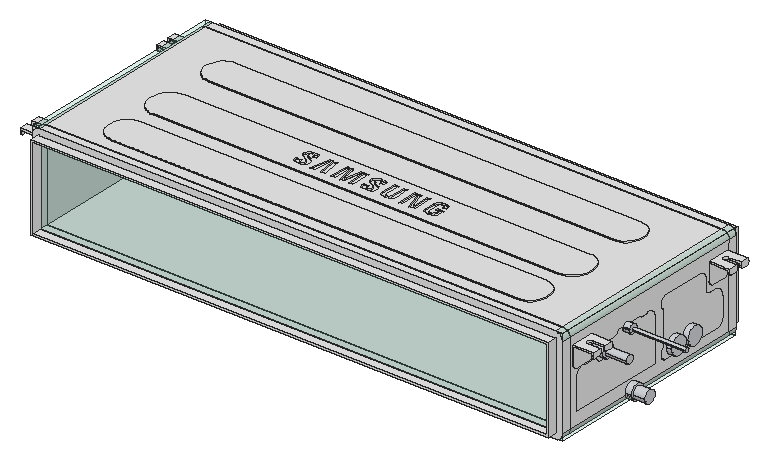
Revit family "EU_SINGLE_IDU_GDS_Ver.1.0", category 기계 장비, Revit 2019 (continued)
Automatic sketch dimensions
  Extrusion 13 sketch curve to Extrusion 13 sketch curve = 2.916 mm
  Extrusion 13 sketch curve to Extrusion 13 sketch curve = 2.41 mm  (x2)
  Extrusion 13 sketch curve to Extrusion 13 sketch curve = 11.091 mm
  Extrusion 13 sketch curve to Extrusion 13 sketch curve = 32.022 mm
  plane 14 to Extrusion 14 sketch curve = 17.195 mm
  Extrusion 14 sketch curve to plane 22 = 9.226 mm
  Extrusion 14 sketch curve to Extrusion 14 sketch curve = 14.996 mm
  Extrusion 14 sketch curve to Extrusion 14 sketch curve = 3.306 mm
  Extrusion 14 sketch curve to Extrusion 14 sketch curve = 1.989 mm  (x4)
  Extrusion 14 sketch curve to Extrusion 14 sketch curve = 17.402 mm
  Extrusion 14 sketch curve to Extrusion 14 sketch curve = 3.052 mm
  Extrusion 14 sketch curve to Extrusion 14 sketch curve = 4.607 mm
  Extrusion 14 sketch curve to Extrusion 14 sketch curve = 1.198 mm
  plane 23 to Extrusion 14 sketch curve = 0.263 mm
  Extrusion 14 sketch curve to plane 22 = 5.323 mm
  Extrusion 14 sketch curve to plane 23 = 16.383 mm
  Extrusion 14 sketch curve to Extrusion 14 sketch curve = 1.30 mm
  Extrusion 14 sketch curve to Extrusion 14 sketch curve = 4.999 mm
  Extrusion 14 sketch curve to plane 25 = 5.73 mm
  Extrusion 14 sketch curve to Extrusion 14 sketch curve = 13.681 mm
  plane 25 to Extrusion 14 sketch curve = 2.768 mm
  Extrusion 14 sketch curve to Extrusion 14 sketch curve = 9.884 mm
  plane 25 to Extrusion 14 sketch curve = 0.768 mm  (x3)
  Extrusion 14 sketch curve to Extrusion 14 sketch curve = 3.956 mm
  plane 24 to Extrusion 14 sketch curve = 0.895 mm
  Extrusion 14 sketch curve to Extrusion 14 sketch curve = 0.00 mm  (x7)
  Extrusion 14 sketch curve to plane 26 = 1.20 mm
  Extrusion 14 sketch curve to Extrusion 14 sketch curve = 21.211 mm
  plane 25 to Extrusion 14 sketch curve = 0.568 mm
  plane 1 "Center (Front/Back)" to Extrusion 14 sketch curve = 7.615 mm
  plane 22 to Extrusion 14 sketch curve = 0.772 mm
  plane 1 "Center (Front/Back)" to Extrusion 14 sketch curve = 4.319 mm
  Extrusion 14 sketch curve to plane 1 "Center (Front/Back)" = 10.678 mm
  Extrusion 14 sketch curve to Extrusion 14 sketch curve = 19.361 mm  (x2)
  Extrusion 14 sketch curve to plane 22 = 0.542 mm
  Extrusion 14 sketch curve to Extrusion 14 sketch curve = 5.339 mm
  plane 25 to Extrusion 14 sketch curve = 0.994 mm  (x2)
  Extrusion 14 sketch curve to Extrusion 14 sketch curve = 5.658 mm  (x2)
  Extrusion 14 sketch curve to plane 29 = 3.10 mm
  plane 28 to Extrusion 14 sketch curve = 37.303 mm
  Extrusion 14 sketch curve to plane 22 = 8.00 mm
  plane 28 to Extrusion 14 sketch curve = 24.646 mm
  Extrusion 14 sketch curve to Extrusion 14 sketch curve = 10.338 mm
  plane 28 to Extrusion 14 sketch curve = 0.312 mm
  Extrusion 14 sketch curve to plane 29 = 3.392 mm
  Extrusion 14 sketch curve to plane 28 = 6.687 mm
  Extrusion 14 sketch curve to Extrusion 14 sketch curve = 12.657 mm
  Extrusion 14 sketch curve to plane 29 = 10.795 mm
  Extrusion 14 sketch curve to Extrusion 14 sketch curve = 0.292 mm  (x2)
  plane 29 to Extrusion 14 sketch curve = 11.144 mm
  Extrusion 14 sketch curve to Extrusion 14 sketch curve = 2.444 mm
  Extrusion 14 sketch curve to Extrusion 14 sketch curve = 0.504 mm
  Extrusion 14 sketch curve to Extrusion 14 sketch curve = 2.199 mm
  Extrusion 14 sketch curve to plane 25 = 2.231 mm
  Extrusion 14 sketch curve to plane 25 = 0.731 mm
  plane 25 to Extrusion 14 sketch curve = 2.269 mm
  plane 25 to Extrusion 14 sketch curve = 0.988 mm
  plane 26 to Extrusion 14 sketch curve = 1.42 mm
  plane 26 to Extrusion 14 sketch curve = 0.788 mm
  Extrusion 14 sketch curve to Extrusion 14 sketch curve = 0.001 mm
  Extrusion 14 sketch curve to plane 29 = 3.246 mm
  plane 25 to Extrusion 14 sketch curve = 0.848 mm
  Extrusion 14 sketch curve to Extrusion 14 sketch curve = 2.702 mm
  Extrusion 15 sketch curve to plane 30 = 4.503 mm
  plane 28 to Extrusion 15 sketch curve = 43.435 mm
  Extrusion 16 sketch curve to plane 26 = 13.085 mm  (x2)
  plane 11 to Extrusion 16 sketch curve = 76.391 mm
  plane 23 to Extrusion 16 sketch curve = 20.757 mm  (x2)
  plane 11 to Extrusion 16 sketch curve = 79.138 mm
  plane 11 to Extrusion 16 sketch curve = 80.389 mm
  Extrusion 16 sketch curve to Extrusion 16 sketch curve = 33.851 mm  (x2)
  plane 14 to Extrusion 16 sketch curve = 25.48 mm
  Extrusion 16 sketch curve to plane 23 = 19.344 mm
  Extrusion 16 sketch curve to Extrusion 16 sketch curve = 0.00 mm  (x8)
  plane 28 to Extrusion 16 sketch curve = 26.548 mm
  Extrusion 16 sketch curve to Extrusion 16 sketch curve = 37.85 mm
  Extrusion 16 sketch curve to plane 26 = 17.127 mm
  Extrusion 16 sketch curve to plane 3 "Center (Left/Right)" = 148.92 mm
  Extrusion 16 sketch curve to Extrusion 16 sketch curve = 0.124 mm
  Extrusion 16 sketch curve to plane 26 = 3.762 mm
  Extrusion 16 sketch curve to Extrusion 16 sketch curve = 0.155 mm
  plane 1 "Center (Front/Back)" to Extrusion 16 sketch curve = 22.258 mm
  Extrusion 16 sketch curve to Extrusion 16 sketch curve = 0.054 mm
  Extrusion 16 sketch curve to Extrusion 16 sketch curve = 3.287 mm
  Extrusion 16 sketch curve to Extrusion 16 sketch curve = 2.729 mm
  Extrusion 16 sketch curve to Extrusion 16 sketch curve = 6.619 mm
  Extrusion 16 sketch curve to Extrusion 16 sketch curve = 0.584 mm
  Extrusion 16 sketch curve to Extrusion 16 sketch curve = 3.063 mm
  Extrusion 16 sketch curve to Extrusion 16 sketch curve = 1.849 mm
  Extrusion 16 sketch curve to plane 26 = 3.759 mm
  Extrusion 16 sketch curve to Extrusion 16 sketch curve = 0.107 mm
  plane 1 "Center (Front/Back)" to Extrusion 16 sketch curve = 22.226 mm
  Extrusion 16 sketch curve to Extrusion 16 sketch curve = 0.151 mm
  Extrusion 16 sketch curve to Extrusion 16 sketch curve = 1.608 mm
  Extrusion 16 sketch curve to Extrusion 16 sketch curve = 2.782 mm
  plane 1 "Center (Front/Back)" to Extrusion 16 sketch curve = 12.445 mm
  Extrusion 16 sketch curve to Extrusion 16 sketch curve = 5.037 mm
  Extrusion 16 sketch curve to plane 24 = 5.412 mm
  Extrusion 16 sketch curve to Extrusion 16 sketch curve = 5.183 mm
  plane 26 to Extrusion 16 sketch curve = 0.065 mm
  Extrusion 16 sketch curve to Extrusion 16 sketch curve = 0.047 mm
  plane 1 "Center (Front/Back)" to Extrusion 16 sketch curve = 18.423 mm
  Extrusion 16 sketch curve to Extrusion 16 sketch curve = 0.089 mm
  Extrusion 16 sketch curve to Extrusion 16 sketch curve = 4.766 mm
  plane 1 "Center (Front/Back)" to Extrusion 16 sketch curve = 22.211 mm
  Extrusion 16 sketch curve to Extrusion 16 sketch curve = 0.341 mm
  Extrusion 16 sketch curve to plane 26 = 3.75 mm
  Extrusion 16 sketch curve to Extrusion 16 sketch curve = 5.218 mm
  Extrusion 16 sketch curve to Extrusion 16 sketch curve = 0.53 mm
  Extrusion 16 sketch curve to Extrusion 16 sketch curve = 0.222 mm
  Extrusion 16 sketch curve to Extrusion 16 sketch curve = 4.177 mm  (x2)
  Extrusion 16 sketch curve to Extrusion 16 sketch curve = 0.543 mm
  plane 1 "Center (Front/Back)" to Extrusion 16 sketch curve = 22.253 mm
  Extrusion 16 sketch curve to Extrusion 16 sketch curve = 8.574 mm
  Extrusion 16 sketch curve to plane 26 = 3.757 mm
  Extrusion 16 sketch curve to Extrusion 16 sketch curve = 4.105 mm
  Extrusion 16 sketch curve to Extrusion 16 sketch curve = 0.178 mm
  Extrusion 16 sketch curve to Extrusion 16 sketch curve = 13.166 mm
  Extrusion 16 sketch curve to plane 26 = 3.631 mm
  Extrusion 16 sketch curve to Extrusion 16 sketch curve = 8.318 mm
  plane 1 "Center (Front/Back)" to Extrusion 16 sketch curve = 13.599 mm  (x2)
  Extrusion 16 sketch curve to Extrusion 16 sketch curve = 8.879 mm
  Extrusion 16 sketch curve to Extrusion 16 sketch curve = 1.037 mm  (x3)
  Extrusion 16 sketch curve to plane 26 = 3.322 mm
  Extrusion 16 sketch curve to Extrusion 16 sketch curve = 0.995 mm
  Extrusion 16 sketch curve to Extrusion 16 sketch curve = 3.417 mm
  Extrusion 16 sketch curve to Extrusion 16 sketch curve = 11.011 mm
  plane 1 "Center (Front/Back)" to Extrusion 16 sketch curve = 20.39 mm
  Extrusion 16 sketch curve to Extrusion 16 sketch curve = 0.975 mm
  plane 26 to Extrusion 16 sketch curve = 4.754 mm  (x2)
  Extrusion 16 sketch curve to Extrusion 16 sketch curve = 11.725 mm
  plane 1 "Center (Front/Back)" to Extrusion 16 sketch curve = 20.703 mm
  Extrusion 16 sketch curve to Extrusion 16 sketch curve = 1.019 mm
  Extrusion 16 sketch curve to Extrusion 16 sketch curve = 8.239 mm
  Extrusion 16 sketch curve to Extrusion 16 sketch curve = 3.948 mm
  Extrusion 16 sketch curve to Extrusion 16 sketch curve = 13.586 mm
  Extrusion 16 sketch curve to plane 26 = 3.319 mm  (x2)
  Extrusion 16 sketch curve to Extrusion 16 sketch curve = 0.101 mm
  Extrusion 16 sketch curve to Extrusion 16 sketch curve = 9.129 mm  (x2)
  Extrusion 16 sketch curve to Extrusion 16 sketch curve = 5.068 mm
  Extrusion 16 sketch curve to plane 24 = 4.966 mm
  Extrusion 16 sketch curve to Extrusion 16 sketch curve = 0.001 mm
  Extrusion 16 sketch curve to Extrusion 16 sketch curve = 9.031 mm
  Extrusion 16 sketch curve to Extrusion 16 sketch curve = 9.641 mm
  Extrusion 16 sketch curve to plane 26 = 2.292 mm
  Extrusion 16 sketch curve to Extrusion 16 sketch curve = 2.274 mm
  Extrusion 16 sketch curve to plane 26 = 8.958 mm
  Extrusion 16 sketch curve to Extrusion 16 sketch curve = 2.313 mm
  Extrusion 16 sketch curve to Extrusion 16 sketch curve = 12.699 mm
  Extrusion 16 sketch curve to plane 26 = 2.754 mm
  Extrusion 16 sketch curve to Extrusion 16 sketch curve = 8.949 mm  (x2)
  Extrusion 16 sketch curve to Extrusion 16 sketch curve = 0.127 mm  (x2)
  Extrusion 16 sketch curve to Extrusion 16 sketch curve = 8.878 mm  (x2)
  plane 26 to Extrusion 16 sketch curve = 0.741 mm
  Extrusion 16 sketch curve to plane 3 "Center (Left/Right)" = 5.091 mm
  Extrusion 16 sketch curve to plane 3 "Center (Left/Right)" = 4.863 mm
  Extrusion 16 sketch curve to plane 3 "Center (Left/Right)" = 4.78 mm
  Extrusion 16 sketch curve to plane 3 "Center (Left/Right)" = 4.551 mm
  plane 3 "Center (Left/Right)" to Extrusion 16 sketch curve = 0.033 mm
  plane 3 "Center (Left/Right)" to Extrusion 16 sketch curve = 0.104 mm
  plane 3 "Center (Left/Right)" to Extrusion 16 sketch curve = 0.156 mm
  plane 3 "Center (Left/Right)" to Extrusion 16 sketch curve = 9.114 mm
  Extrusion 16 sketch curve to Extrusion 16 sketch curve = 0.091 mm  (x2)
  Extrusion 16 sketch curve to Extrusion 16 sketch curve = 9.663 mm  (x2)
  plane 26 to Extrusion 16 sketch curve = 5.197 mm  (x5)
  Extrusion 16 sketch curve to Extrusion 16 sketch curve = 12.216 mm
  Extrusion 16 sketch curve to Extrusion 16 sketch curve = 13.61 mm
  Extrusion 16 sketch curve to Extrusion 16 sketch curve = 8.986 mm
  Extrusion 16 sketch curve to Extrusion 16 sketch curve = 8.349 mm  (x2)
  Extrusion 16 sketch curve to Extrusion 16 sketch curve = 0.997 mm
  plane 1 "Center (Front/Back)" to Extrusion 16 sketch curve = 17.188 mm
  Extrusion 16 sketch curve to Extrusion 16 sketch curve = 0.98 mm
  Extrusion 16 sketch curve to Extrusion 16 sketch curve = 5.577 mm
  Extrusion 16 sketch curve to Extrusion 16 sketch curve = 9.229 mm
  Extrusion 16 sketch curve to plane 26 = 4.247 mm  (x2)
  Extrusion 16 sketch curve to Extrusion 16 sketch curve = 3.701 mm
  Extrusion 16 sketch curve to Extrusion 16 sketch curve = 1.024 mm  (x2)
  Extrusion 16 sketch curve to Extrusion 16 sketch curve = 9.445 mm
  Extrusion 16 sketch curve to Extrusion 16 sketch curve = 12.266 mm
  plane 1 "Center (Front/Back)" to Extrusion 16 sketch curve = 17.25 mm
  Extrusion 16 sketch curve to Extrusion 16 sketch curve = 5.568 mm
  Extrusion 16 sketch curve to Extrusion 16 sketch curve = 0.986 mm
  plane 1 "Center (Front/Back)" to Extrusion 16 sketch curve = 17.426 mm
  Extrusion 16 sketch curve to Extrusion 16 sketch curve = 1.003 mm
  Extrusion 16 sketch curve to Extrusion 16 sketch curve = 9.235 mm
  Extrusion 16 sketch curve to Extrusion 16 sketch curve = 8.989 mm
  Extrusion 16 sketch curve to Extrusion 16 sketch curve = 10.465 mm
  Extrusion 16 sketch curve to Extrusion 16 sketch curve = 18.948 mm
  Extrusion 16 sketch curve to Extrusion 16 sketch curve = 9.732 mm
  plane 1 "Center (Front/Back)" to Extrusion 16 sketch curve = 17.068 mm
  Extrusion 16 sketch curve to Extrusion 16 sketch curve = 7.691 mm
  plane 1 "Center (Front/Back)" to Extrusion 16 sketch curve = 17.064 mm
  Extrusion 16 sketch curve to Extrusion 16 sketch curve = 13.286 mm
  Extrusion 16 sketch curve to Extrusion 16 sketch curve = 7.869 mm
  Extrusion 16 sketch curve to Extrusion 16 sketch curve = 9.816 mm
  Extrusion 16 sketch curve to plane 26 = 2.39 mm
  Extrusion 16 sketch curve to Extrusion 16 sketch curve = 9.132 mm
  Extrusion 16 sketch curve to plane 26 = 9.055 mm
  Extrusion 16 sketch curve to Extrusion 16 sketch curve = 0.039 mm
  plane 1 "Center (Front/Back)" to Extrusion 16 sketch curve = 22.208 mm
  Extrusion 16 sketch curve to Extrusion 16 sketch curve = 0.745 mm
  Extrusion 16 sketch curve to plane 26 = 2.852 mm
  Extrusion 16 sketch curve to plane 26 = 6.515 mm
  plane 26 to Extrusion 16 sketch curve = 0.643 mm
  Extrusion 16 sketch curve to Extrusion 16 sketch curve = 4.973 mm
  Extrusion 16 sketch curve to plane 24 = 4.891 mm
  Extrusion 16 sketch curve to Extrusion 16 sketch curve = 0.229 mm  (x2)
  plane 1 "Center (Front/Back)" to Extrusion 16 sketch curve = 12.39 mm
  Extrusion 16 sketch curve to Extrusion 16 sketch curve = 4.571 mm
  plane 1 "Center (Front/Back)" to Extrusion 16 sketch curve = 17.874 mm
  Extrusion 16 sketch curve to Extrusion 16 sketch curve = 5.124 mm
  plane 1 "Center (Front/Back)" to Extrusion 16 sketch curve = 24.007 mm
  Extrusion 16 sketch curve to Extrusion 16 sketch curve = 4.655 mm
  plane 1 "Center (Front/Back)" to Extrusion 16 sketch curve = 21.388 mm
  Extrusion 16 sketch curve to Extrusion 16 sketch curve = 0.052 mm
  Extrusion 16 sketch curve to plane 26 = 23.033 mm
  Extrusion 16 sketch curve to Extrusion 16 sketch curve = 9.009 mm
  plane 1 "Center (Front/Back)" to Extrusion 16 sketch curve = 21.083 mm
  Extrusion 16 sketch curve to plane 12 = 113.968 mm  (x2)
  Extrusion 16 sketch curve to plane 1 "Center (Front/Back)" = 6.404 mm
  Extrusion 16 sketch curve to plane 24 = 4.793 mm
  Extrusion 16 sketch curve to plane 26 = 3.954 mm
  Extrusion 16 sketch curve to plane 26 = 4.052 mm
  Extrusion 16 sketch curve to plane 26 = 4.587 mm
  Extrusion 16 sketch curve to plane 26 = 4.795 mm
  Extrusion 16 sketch curve to plane 26 = 4.893 mm
  Extrusion 16 sketch curve to Extrusion 16 sketch curve = 2.916 mm
  Extrusion 16 sketch curve to Extrusion 16 sketch curve = 3.663 mm
  Extrusion 16 sketch curve to Extrusion 16 sketch curve = 2.41 mm  (x2)
  Extrusion 16 sketch curve to Extrusion 16 sketch curve = 5.448 mm
  Extrusion 16 sketch curve to Extrusion 16 sketch curve = 15.731 mm
  Extrusion 16 sketch curve to Extrusion 16 sketch curve = 1.545 mm
  Extrusion 16 sketch curve to Extrusion 16 sketch curve = 16.131 mm
  Extrusion 16 sketch curve to Extrusion 16 sketch curve = 2.136 mm  (x2)
  Extrusion 16 sketch curve to Extrusion 16 sketch curve = 2.49 mm
  Extrusion 16 sketch curve to Extrusion 16 sketch curve = 1.77 mm  (x2)
  Extrusion 16 sketch curve to Extrusion 16 sketch curve = 2.62 mm
  Extrusion 16 sketch curve to Extrusion 16 sketch curve = 5.414 mm
  Extrusion 16 sketch curve to Extrusion 16 sketch curve = 3.513 mm
  Extrusion 16 sketch curve to Extrusion 16 sketch curve = 0.182 mm
  plane 1 "Center (Front/Back)" to Extrusion 16 sketch curve = 13.602 mm  (x2)
  Extrusion 16 sketch curve to Extrusion 16 sketch curve = 3.764 mm
  Extrusion 16 sketch curve to Extrusion 16 sketch curve = 3.65 mm
  Extrusion 16 sketch curve to Extrusion 16 sketch curve = 6.79 mm
  Extrusion 16 sketch curve to Extrusion 16 sketch curve = 5.484 mm
  Extrusion 16 sketch curve to Extrusion 16 sketch curve = 38.85 mm
  Extrusion 4 sketch curve to plane 36 = 0.00 mm  (x2)
  Extrusion 4 sketch curve to plane 37 = 0.00 mm
  Extrusion 4 sketch curve to Extrusion 4 sketch curve = 41.99 mm
  radius of Extrusion 8 sketch curve = 13.00 mm
  radius of Extrusion 9 sketch curve = 8.50 mm
  radius of Extrusion 10 sketch curve = 15.335 mm
  radius of Extrusion 15 sketch curve = 18.795 mm
  radius of Extrusion 4 sketch curve = 17.992 mm
Nested families
  nested 1: "Hook" at (-550, 176.808, 0) x (0, -1, 0) z (0, 0, 1), type "Hook"
    with Head Height 170.00 mm, Body Height 46.00 mm
  nested 2: "Hook" at (-550, -176.798, 0) x (0, -1, 0) z (0, 0, 1), type "Hook"
    with Head Height 170.00 mm, Body Height 46.00 mm
  nested 3: "Hook" at (550, 176.91, 0) x (0, 1, 0) z (0, 0, 1), type "Hook"
    with Head Height 170.00 mm, Body Height 46.00 mm
  nested 4: "Hook" at (550, -176.696, 0) x (0, 1, 0) z (0, 0, 1), type "Hook"
    with Head Height 170.00 mm, Body Height 46.00 mm
  nested 5: "Include Clearance" at (0, 0, 0), type "Include Clearance"
    with Equipment Finish none, Width 1100.00 mm, Height 200.00 mm, Depth 450.00 mm
  nested 6: "Do not Include Clearance" at (0, 0, 0), type "Do not Include Clearance"
    with Equipment Finish Default, Width 1100.00 mm, Height 200.00 mm, Depth 450.00 mm
Connectors
  hvac at (0, -245, 100), driven by "Return Air Connection Height", driven by "Return Air Connection Width"
    settings: on Extrusion 2, index 1, duct flow 0.00 m³/s, flow factor 0, pres drop 0.00 in-wg, loss coef 0, conn angle 0.00°, conn width 42.00787", conn height 6.69291", conn diameter 24", duct sys type 1, conn prof type 1, flow config 0, flow direction 0, loss method 0, conn ref index 2, conn util no, is conn primary yes, conn desc ""
  hvac at (0, 245, 100), driven by "Supply Air Connection Height", driven by "Supply Air Connection Width"
    settings: on Extrusion 3, index 2, duct flow 0.00 m³/s, flow factor 0, pres drop 0.00 in-wg, loss coef 0, conn angle 0.00°, conn width 42.00787", conn height 6.69291", conn diameter 24", duct sys type 2, conn prof type 1, flow config 0, flow direction 0, loss method 0, conn ref index 1, conn util no, is conn primary no, conn desc ""
  piping at (609.677, -125.66, 130), diameter 15.88, driven by "Refrigerant Suction Gas Connection Radius"
    settings: on Extrusion 6, index 3, connector inside diameter 24", connector length 0.00 mm, flow factor 0, pipe flow 0 GPM, pressure drop 0.00 psi, fitting loss kfactor 0, connector angle 0.00°, fixture units 0, engagement length 0.00 mm, angle of deflection 0.00°, flow configuration 0, flow direction 0, fitting loss method 0, system type 7, joint type 0, gender type 0, connector reference index -1, connector utility 0, adjustable connector no, is connector primary yes, connector description ""
  piping at (676.935, -61, 143), diameter 6.35, driven by "Refrigerant Liquid Connection Radius"
    settings: on Extrusion 7, index 4, connector inside diameter 24", connector length 0.00 mm, flow factor 0, pipe flow 0 GPM, pressure drop 0.00 psi, fitting loss kfactor 0, connector angle 0.00°, fixture units 0, engagement length 0.00 mm, angle of deflection 0.00°, flow configuration 0, flow direction 0, fitting loss method 0, system type 7, joint type 0, gender type 0, connector reference index -1, connector utility 0, adjustable connector no, is connector primary no, connector description ""
  piping at (590.655, -49.53, 21), diameter 25, driven by "Condensate Drain Connection Radius"
    settings: on Extrusion 5, index 5, connector inside diameter 24", connector length 0.00 mm, flow factor 0, pipe flow 0 GPM, pressure drop 0.00 psi, fitting loss kfactor 0, connector angle 0.00°, fixture units 0, engagement length 0.00 mm, angle of deflection 0.00°, flow configuration 0, flow direction 0, fitting loss method 0, system type 7, joint type 0, gender type 0, connector reference index -1, connector utility 0, adjustable connector no, is connector primary no, connector description ""
  electrical at (565, 57.782, 59.765)
    settings: on Extrusion 4, index 6, voltage 0 V, apparent load 0 VA, apparent load phase1 0 VA, apparent load phase2 0 VA, apparent load phase3 0 VA, power factor 1, load classification "기타", number of poles 1, system type 14, power factor state 1, is connector primary yes, connector utility no, sub classification motor no, connector description ""
Definition of nested family "Hook"
  Parameters
    Material = none
    Head Height [instance] = 246.00 mm
    Body Height = 50.00 mm
  Reference planes
    plane 1 "Center (Front/Back)": y = 0
    plane 2: z = 0
    plane 3 "Center (Left/Right)": x = 0
    plane 4 "Top": z = 246
    plane 5: z = 196
  Forms (mm)
    Extrusion 1, solid, material <- "Material"
      sketch origin (0, 0, 0) x (1, 0, 0) y (0, 0, 1)
        loop
          line (-24, 246) -> (-24, 206)
          arc (-24, 206) -> (-21.071, 198.929) -> (-14, 196) r 10
          line (-14, 196) -> (14, 196)
          arc (14, 196) -> (21.071, 198.929) -> (24, 206) r 10
          line (24, 206) -> (24, 246) -> (-24, 246)
      from 0 to 3.2
    Extrusion 2, solid, material <- "Material"
      sketch origin (0, 0, 246) x (-1, 0, 0) y (0, -1, 0)
        loop
          line (24, 3.2) -> (24, 44.4) -> (6, 44.4) -> (6, 18.4)
          arc (6, 18.4) -> (0, 12.4) -> (-6, 18.4) r 6
          line (-6, 18.4) -> (-6, 44.4) -> (-24, 44.4) -> (-24, 3.2) -> (24, 3.2)
      from 0 to -3.2
    Extrusion 3, solid, material <- "Material"
      sketch origin (-24, -44.4, 246) x (1, 0, 0) y (0, 0, 1)
        loop
          line (0, 0) -> (0, -7)
          arc (0, -7) -> (1.464, -10.536) -> (5, -12) r 5
          line (5, -12) -> (13, -12)
          arc (13, -12) -> (16.536, -10.536) -> (18, -7) r 5
          line (18, -7) -> (18, 0) -> (0, 0)
        loop
          line (48, 0) -> (30, 0) -> (30, -7)
          arc (30, -7) -> (31.464, -10.536) -> (35, -12) r 5
          line (35, -12) -> (43, -12)
          arc (43, -12) -> (46.536, -10.536) -> (48, -7) r 5
          line (48, -7) -> (48, 0)
      from 0 to -3.2
  Cuts and joins
    joined: Extrusion 1, Extrusion 2, Extrusion 3
  Dimensions and locks
    "Head Height": plane 4 "Top" to level
    Extrusion 1 sketch curve to plane 3 "Center (Left/Right)" to Extrusion 1 sketch curve = 24.00 mm, 24.00 mm
    "Body Height": plane 4 "Top" to plane 5
    radius of Extrusion 1 sketch curve = 10.00 mm  (x2)
    aligned and locked: level to plane 2
    aligned and locked: Extrusion 1 sketch curve to plane 4 "Top"
    aligned and locked: Extrusion 2 sketch curve to Extrusion 1
    aligned and locked: Extrusion 3 sketch curve to cut or joined group of Extrusion 1, Extrusion 2, Extrusion 3  (x4)
    aligned and locked: cut or joined group of Extrusion 1, Extrusion 2, Extrusion 3 to Extrusion 3 sketch curve
    aligned and locked: Extrusion 1 sketch curve to plane 5
  Automatic sketch dimensions
    Extrusion 2 sketch curve to plane 3 "Center (Left/Right)" = 0.00 mm
    plane 3 "Center (Left/Right)" to Extrusion 2 sketch curve = 6.00 mm
    Extrusion 2 sketch curve to Extrusion 2 sketch curve = 18.00 mm  (x2)
    plane 1 "Center (Front/Back)" to Extrusion 2 sketch curve = 18.40 mm
    Extrusion 2 sketch curve to Extrusion 2 sketch curve = 26.00 mm
    Extrusion 2 sketch curve to Extrusion 2 sketch curve = 0.00 mm
    Extrusion 3 sketch curve to Extrusion 2 = 0.00 mm
    Extrusion 3 sketch curve to Extrusion 2 = 3.80 mm  (x4)
    Extrusion 2 to Extrusion 3 sketch curve = 5.00 mm
    Extrusion 3 sketch curve to Extrusion 3 sketch curve = 5.00 mm
Definition of nested family "Include Clearance"
  Parameters
    Width = 720.00 mm
    URL = ""
    Manufacturer = ""
    Height = 620.00 mm
    Equipment Finish [instance] = none
    Depth = 199.00 mm
    Copyright © = ""
    Clearance Offset Top = 0.00 mm
    Clearance Offset Right = 0.00 mm
    Clearance Offset Left = 0.00 mm
    Clearance Offset Front = 0.00 mm
    Clearance Offset Bottom = 0.00 mm
    Clearance Offset Back = 0.00 mm
    Assembly Code = ""
  Reference planes
    plane 1 "Center (Front/Back)": y = 0
    plane 2 "Bottom": z = 0
    plane 3 "Center (Left/Right)": x = 0
    plane 4 "Left": x = -360
    plane 5 "Back": y = 99.5
    plane 6 "Right": x = 360
    plane 7 "Front": y = -99.5
    plane 8 "Top": z = 620
    plane 9 "Clearance Offset Right": x = 360
    plane 10 "Clearance Offset Left": x = -360
    plane 11 "Clearance Offset Back": y = 99.5
    plane 12 "Clearance Offset Front": y = -99.5
    plane 13 "Clearance Offset Top": z = 620
    plane 14: z = 0
  Forms (mm)
    Extrusion 1, solid
      sketch origin (0, 0, 0) x (1, 0, 0) y (0, 1, 0)
        loop
          line (-360, 99.5) -> (-360, -99.5) -> (360, -99.5) -> (360, 99.5) -> (-360, 99.5)
      from 0 to 620
  Lines and regions (mm)
    symbolic lines
      curve 1: line (-360, 0, 620) -> (360, 0, 620)
      curve 2: line (-360, 0, 0) -> (-360, 0, 620)
      curve 3: line (360, 0, 0) -> (-360, 0, 0)
      curve 4: line (360, 0, 620) -> (360, 0, 0)
      curve 5: line (0, 99.5, 620) -> (0, -99.5, 620)
      curve 6: line (0, 99.5, 0) -> (0, 99.5, 620)
      curve 7: line (0, -99.5, 0) -> (0, 99.5, 0)
      curve 8: line (0, -99.5, 620) -> (0, -99.5, 0)
      curve 9: line (-360, 99.5, 0) -> (360, 99.5, 0)
      curve 10: line (-360, -99.5, 0) -> (-360, 99.5, 0)
      curve 11: line (360, -99.5, 0) -> (-360, -99.5, 0)
      curve 12: line (360, 99.5, 0) -> (360, -99.5, 0)
  Text (mm)
    text "Copyright � Daikin Industries, Ltd. 2008" at (0.011, 0.009, 0), in view "Ref. Level"
  Dimensions and locks
    equal spacing: plane 4 "Left", plane 3 "Center (Left/Right)", plane 6 "Right"
    "Width": plane 4 "Left" to plane 6 "Right"
    equal spacing: plane 5 "Back", plane 1 "Center (Front/Back)", plane 7 "Front"
    "Depth": plane 5 "Back" to plane 7 "Front"
    "Height": plane 8 "Top" to plane 2 "Bottom"
    "Clearance Offset Front": plane 12 "Clearance Offset Front" to plane 7 "Front"
    "Clearance Offset Back": plane 11 "Clearance Offset Back" to plane 5 "Back"
    "Clearance Offset Left": plane 10 "Clearance Offset Left" to plane 4 "Left"
    "Clearance Offset Right": plane 6 "Right" to plane 9 "Clearance Offset Right"
    "Clearance Offset Top": plane 13 "Clearance Offset Top" to plane 8 "Top"
    curve 3 to plane 14 = 0.00 mm
    "Clearance Offset Bottom": plane 2 "Bottom" to plane 14
    aligned and locked: plane 2 "Bottom" to level
    aligned and locked: plane 9 "Clearance Offset Right" to Extrusion 1 sketch curve
    aligned and locked: Extrusion 1 sketch curve to plane 11 "Clearance Offset Back"
    aligned and locked: plane 10 "Clearance Offset Left" to Extrusion 1 sketch curve
    aligned and locked: Extrusion 1 sketch curve to plane 12 "Clearance Offset Front"
    aligned and locked: curve 9 to Extrusion 1  (x2)
    aligned and locked: Extrusion 1 to curve 12
    aligned and locked: curve 12 to Extrusion 1
    aligned and locked: plane 13 "Clearance Offset Top" to Extrusion 1
    aligned and locked: Extrusion 1 to plane 14
    aligned and locked: Extrusion 1 to plane 10 "Clearance Offset Left"
    aligned and locked: Extrusion 1 to plane 9 "Clearance Offset Right"  (x2)
    aligned and locked: Extrusion 1 to plane 13 "Clearance Offset Top"  (x2)
    aligned and locked: plane 14 to Extrusion 1  (x2)
    aligned and locked: curve 1 to plane 13 "Clearance Offset Top"
    aligned and locked: plane 9 "Clearance Offset Right" to curve 4
    aligned and locked: plane 10 "Clearance Offset Left" to curve 2
    aligned and locked: plane 14 to curve 3
    aligned and locked: plane 10 "Clearance Offset Left" to Extrusion 1  (x2)
    aligned and locked: curve 8 to plane 12 "Clearance Offset Front"
    aligned and locked: curve 5 to plane 13 "Clearance Offset Top"
    aligned and locked: curve 6 to plane 11 "Clearance Offset Back"
    aligned and locked: plane 14 to curve 7
Definition of nested family "Do not Include Clearance"
  Parameters
    Width = 720.00 mm
    URL = ""
    Manufacturer = ""
    Height = 620.00 mm
    Equipment Finish [instance] = none
    Depth = 199.00 mm
    Copyright © = ""
    Clearance Offset Top = 0.00 mm
    Clearance Offset Right = 0.00 mm
    Clearance Offset Left = 0.00 mm
    Clearance Offset Front = 0.00 mm
    Clearance Offset Bottom = 0.00 mm
    Clearance Offset Back = 0.00 mm
    Assembly Code = ""
  Reference planes
    plane 1 "Center (Front/Back)": y = 0
    plane 2 "Bottom": z = 0
    plane 3 "Center (Left/Right)": x = 0
    plane 4 "Left": x = -360
    plane 5 "Back": y = 99.5
    plane 6 "Right": x = 360
    plane 7 "Front": y = -99.5
    plane 8 "Top": z = 620
    plane 9 "Clearance Offset Right": x = 360
    plane 10 "Clearance Offset Left": x = -360
    plane 11 "Clearance Offset Back": y = 99.5
    plane 12 "Clearance Offset Front": y = -99.5
    plane 13 "Clearance Offset Top": z = 620
    plane 14: z = 0
  Lines and regions (mm)
    symbolic lines
      curve 1: line (-360, 0, 620) -> (360, 0, 620)
      curve 2: line (-360, 0, 0) -> (-360, 0, 620)
      curve 3: line (360, 0, 0) -> (-360, 0, 0)
      curve 4: line (360, 0, 620) -> (360, 0, 0)
      curve 5: line (0, 99.5, 620) -> (0, -99.5, 620)
      curve 6: line (0, 99.5, 0) -> (0, 99.5, 620)
      curve 7: line (0, -99.5, 0) -> (0, 99.5, 0)
      curve 8: line (0, -99.5, 620) -> (0, -99.5, 0)
      curve 9: line (-360, 99.5, 0) -> (360, 99.5, 0)
      curve 10: line (-360, -99.5, 0) -> (-360, 99.5, 0)
      curve 11: line (360, -99.5, 0) -> (-360, -99.5, 0)
      curve 12: line (360, 99.5, 0) -> (360, -99.5, 0)
  Text (mm)
    text "Copyright � Daikin Industries, Ltd. 2008" at (0.011, 0.009, 0), in view "Ref. Level"
  Dimensions and locks
    equal spacing: plane 4 "Left", plane 3 "Center (Left/Right)", plane 6 "Right"
    "Width": plane 4 "Left" to plane 6 "Right"
    equal spacing: plane 5 "Back", plane 1 "Center (Front/Back)", plane 7 "Front"
    "Depth": plane 5 "Back" to plane 7 "Front"
    "Height": plane 8 "Top" to plane 2 "Bottom"
    "Clearance Offset Front": plane 12 "Clearance Offset Front" to plane 7 "Front"
    "Clearance Offset Back": plane 11 "Clearance Offset Back" to plane 5 "Back"
    "Clearance Offset Left": plane 10 "Clearance Offset Left" to plane 4 "Left"
    "Clearance Offset Right": plane 6 "Right" to plane 9 "Clearance Offset Right"
    "Clearance Offset Top": plane 13 "Clearance Offset Top" to plane 8 "Top"
    curve 3 to plane 14 = 0.00 mm
    "Clearance Offset Bottom": plane 2 "Bottom" to plane 14
    aligned and locked: plane 2 "Bottom" to level
    aligned and locked: curve 1 to plane 13 "Clearance Offset Top"
    aligned and locked: plane 9 "Clearance Offset Right" to curve 4
    aligned and locked: plane 10 "Clearance Offset Left" to curve 2
    aligned and locked: plane 14 to curve 3
    aligned and locked: curve 8 to plane 12 "Clearance Offset Front"
    aligned and locked: curve 5 to plane 13 "Clearance Offset Top"
    aligned and locked: curve 6 to plane 11 "Clearance Offset Back"
    aligned and locked: plane 14 to curve 7
  Automatic sketch dimensions
    plane 7 "Front" to curve 11 = 0.00 mm
    curve 11 to plane 10 "Clearance Offset Left" = 0.00 mm
    curve 11 to plane 9 "Clearance Offset Right" = 0.00 mm
    curve 10 to plane 5 "Back" = 0.00 mm
Types (5, lengths in mm): name | Total Heating Capacity | Total Cooling Capacity | Sound Pressure Middle | Sound Pressure High | Sound Power Cooling | Refrigerant Type | Refrigerant Suction Gas Connection Radius | Refrigerant Suction Gas Connection Diameter | Power Input Heating | Power Input Cooling | Panel Model | 모델 | External Static Pressure | Design Cooling Air Flow Minimum | Design Cooling Air Flow Maximum | Decoration Panel Finish | Current Input Heating | Current Input Cooling | Cooling Entering Wet Bulb Temperature
  (no name) | 8.00 kW | 7.10 kW | "32.00 CMM" | "37.00 CMM" | "59.00 CMM" | "R32" | 7.94 | 15.88 | 2.38 W | 2.38 W | "-" | "AC071RNLDKG/EU" | "0.00 mmaq" | "10.00 CMM" | "19.00 CMM" | White | 10.4 A | 10.5 A | 24 °C
  5.00 kW,  220-240V, DUCT S | 6.00 kW | 5.00 kW | "30.00 CMM" | "33.00 CMM" | "55.00 CMM" | "R410A" | 6.35 | 12.70 | 0 W | 0 W | "" | "AC052MNLDKH/EU" | "3.00 mmaq" | "9.50 CMM" | "13.50 CMM" | Ivory | 0 A | 0 A | 27 °C
  7.10 kW,  220-240V, DUCT S | 8.00 kW | 7.10 kW | "32.00 CMM" | "37.00 CMM" | "59.00 CMM" | "R410A" | 7.94 | 15.88 | 0 W | 0 W | "" | "AC071MNLDKH/EU" | "3.00 mmaq" | "10.00 CMM" | "19.00 CMM" | Ivory | 0 A | 0 A | 27 °C
  5.2kW, 220-240V, Global DUCT S, R32 | 6.00 kW | 5.00 kW | "30.00 CMM" | "33.00 CMM" | "55.00 CMM" | "R32" | 6.35 | 12.70 | 1.74 W | 1.69 W | "-" | "AC052RNLDKG/EU" | "0.00 mmaq" | "9.50 CMM" | "13.50 CMM" | White | 7.8 A | 7.7 A | 24 °C
  7.1kW, 220-240V, Global DUCT S, R32 | 8.00 kW | 7.10 kW | "32.00 CMM" | "37.00 CMM" | "59.00 CMM" | "R32" | 7.94 | 15.88 | 2.38 W | 2.38 W | "-" | "AC071RNLDKG/EU" | "0.00 mmaq" | "10.00 CMM" | "19.00 CMM" | White | 10.4 A | 10.5 A | 24 °C
